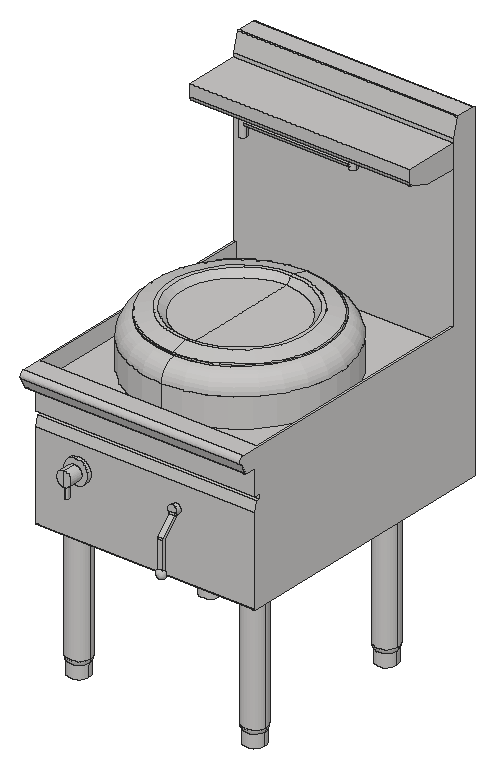
Revit family "QF_COBRA MOFFAT_CW1H", category Specialty Equipment, Revit 2016
Family settings
  Part Type = Normal
  Round Connector Dimension = Use Diameter
  Work Plane-Based = No
  Always vertical = Yes
  Cut with Voids When Loaded = No
  Shared = No
  Room Calculation Point = No
Parameters
  Weight in Kilograms = 78
  Waste Water Discharge Temperature = 0 °F
  URL Cutsheet = ""
  Specification by User = ""
  Specification by Manufacturer = ""
  Serial Number = ""
  Seismic Rating = ""
  SMACNA No = ""
  Revision Code = ""
  Plumbing Remarks = ""
  Plumbing Connection Type = ""
  NAFEM Spec ID Number = ""
  Model = "CW1H"
  Masterspec = ""
  Manufacturer = "COBRA MOFFAT"
  Length = 600 mm
  Item Number = ""
  Installed By = ""
  Indirect Waste Size = 1 1/4"
  Indirect Waste Flow = 0 GPM
  Indirect Waste Connection Type = ""
  Indirect Waste Connection Height = 0 mm
  Identify Quantity as Lot = yes
  Height = 1280 mm
  Gas Size = 3/4"
  Gas RI Height = 0 mm
  Gas KW = 0
  Gas Input = 80564.0 Btu/h
  Gas Connection Height = 0 mm
  Furnished By = ""
  Foodservice Equipment Identifier = yes
  Description = "ONE HOLE GAS WATERLESS WOKS"
  Depth = 800 mm
  Cold Water Temperature Recommended = 0 °F
  Cold Water Size = 1 1/2"
  Cold Water RI Height = 0 mm
  Cold Water Minimum Pressure = 0.00 psi
  Cold Water Maximum Pressure = 0.00 psi
  Cold Water Flow = 0 GPM
  Cold Water Consumption = ""
  Cold Water Connection Height = 0 mm
  CSI MasterFormat = ""
Reference planes
  plane 1 "BACK": y = 0
  plane 2: z = 0
  plane 3 "LEFT": x = 0
  plane 4 "RIGHT": x = 600
  plane 5 "FRONT": y = -800
  plane 6 "TOP": z = 1280
  plane 7 "Center Y": x = 300
  plane 8 "Center X": y = -400
  plane 9: x = 60
  plane 10: x = 540
  plane 11: y = -225
  plane 12: y = -675
  plane 13: z = 375
Forms (mm)
  Revolve 1, solid, material "QF_Metal - Stainless - Polished"
    sketch origin (0, -225, 0) x (0, 0, -1) y (1, 0, 0)
      loop
        line (0, 60) -> (-375, 60) -> (-375, 28.123) -> (-46.31, 28.123)
        arc (-46.31, 28.123) -> (-40.43, 29.336) -> (-35, 31.896) r 25.376
        line (-35, 31.896) -> (0, 31.896) -> (0, 60)
      axis (0, 60) -> (-375, 60)
    angle from 0 to 360
  Revolve 2, solid, material "QF_Metal - Stainless - Polished"
    sketch origin (480, -225, 0) x (0, 0, -1) y (1, 0, 0)
      loop
        line (0, 60) -> (-375, 60) -> (-375, 28.123) -> (-46.31, 28.123)
        arc (-46.31, 28.123) -> (-40.43, 29.336) -> (-35, 31.896) r 25.376
        line (-35, 31.896) -> (0, 31.896) -> (0, 60)
      axis (0, 60) -> (-375, 60)
    angle from 0 to 360
  Revolve 3, solid, material "QF_Metal - Stainless - Polished"
    sketch origin (0, -675, 0) x (0, 0, -1) y (1, 0, 0)
      loop
        line (0, 60) -> (-375, 60) -> (-375, 28.123) -> (-46.31, 28.123)
        arc (-46.31, 28.123) -> (-40.43, 29.336) -> (-35, 31.896) r 25.376
        line (-35, 31.896) -> (0, 31.896) -> (0, 60)
      axis (0, 60) -> (-375, 60)
    angle from 0 to 360
  Revolve 4, solid, material "QF_Metal - Stainless - Polished"
    sketch origin (480, -675, 0) x (0, 0, -1) y (1, 0, 0)
      loop
        line (0, 60) -> (-375, 60) -> (-375, 28.123) -> (-46.31, 28.123)
        arc (-46.31, 28.123) -> (-40.43, 29.336) -> (-35, 31.896) r 25.376
        line (-35, 31.896) -> (0, 31.896) -> (0, 60)
      axis (0, 60) -> (-375, 60)
    angle from 0 to 360
  Extrusion 5, solid, material "QF_Metal - Stainless - Polished"
    sketch origin (0, 0, 0) x (0, 1, 0) y (0, 0, 1)
      loop
        line (0, 375) -> (0, 1278.452)
        arc (0, 1278.452) -> (-0.746, 1279.569) -> (-2.017, 1280) r 2.088
        line (-2.017, 1280) -> (-55, 1280)
        arc (-55, 1280) -> (-56.271, 1279.569) -> (-57.017, 1278.452) r 2.088
        line (-57.017, 1278.452) -> (-70, 1230) -> (-70, 770.7) -> (-788.3, 770.7)
        arc (-788.3, 770.7) -> (-798.432, 764.85) -> (-798.432, 753.15) r 11.7
        line (-798.432, 753.15) -> (-780.947, 722.864)
        arc (-780.947, 722.864) -> (-780.095, 722.012) -> (-778.931, 721.7) r 2.328
        line (-778.931, 721.7) -> (-750.056, 721.7)
        arc (-750.056, 721.7) -> (-748.602, 721.098) -> (-748, 719.644) r 2.056
        line (-748, 719.644) -> (-748, 652.6) -> (-731.4, 652.6) -> (-731.4, 639.6) -> (-740.9, 639.6) -> (-748, 613.102) -> (-748, 376.928)
        arc (-748, 376.928) -> (-747.435, 375.565) -> (-746.072, 375) r 1.928
        line (-746.072, 375) -> (0, 375)
    from 0 to 600
  Extrusion 6, void
    sketch origin (600, -70, 770.7) x (-1, 0, 0) y (0, -1, 0)
      loop
        line (595, 665) -> (5, 665) -> (5, 0) -> (595, 0) -> (595, 665)
    from 0 to -49
  Revolve 7, solid, material "QF_Metal - Stainless - Polished"
    sketch origin (300, 175.397, 1219.2) x (0, 1, 0) y (0, 0, 1)
      loop
        line (-867.435, -419.167) -> (-867.435, -497.5) -> (-600.532, -497.5) -> (-600.532, -365.842) -> (-759.24, -365.842) -> (-775.589, -349.492) -> (-785.589, -349.492) -> (-828.806, -360.506)
        arc (-828.806, -360.506) -> (-829.912, -361.23) -> (-830.34, -362.481) r 2.038
        line (-830.34, -362.481) -> (-830.34, -365.842) -> (-808.934, -365.842) -> (-808.934, -369.669) -> (-817.938, -369.669)
        arc (-817.938, -369.669) -> (-852.938, -384.167) -> (-867.435, -419.167) r 49.497
      axis (-600.532, -349.492) -> (-600.532, -497.5)
    angle from 0 to 360
  Extrusion 8, solid, material "QF_Metal - Stainless - Polished"
    sketch origin (0, -748, 390) x (0, 0, -1) y (1, 0, 0)
      loop
        circle (-158.889, 118.159) r 32.893
    from 0 to 10
  Revolve 9, solid, material "QF_Metal - Stainless - Polished"
    sketch origin (118.159, -4572, 581.782) x (0, 0, -1) y (0, -1, 0)
      loop
        line (32.782, -3774) -> (13.094, -3774) -> (13.094, -3809) -> (17.469, -3809) -> (17.469, -3814) -> (32.782, -3814) -> (32.782, -3774)
      axis (32.782, -3814) -> (32.782, -3774)
    angle from 0 to 360
  Extrusion 10, solid, material "QF_Metal - Stainless - Polished"
    sketch origin (300, -4572, 375) x (0, -1, 0) y (-1, 0, 0)
      loop
        circle (-3784.012, 181.994) r 5
    from -124 to -159
  Extrusion 11, solid, material "QF_Metal - Stainless - Polished"
    sketch origin (0, -748, 390) x (0, 0, -1) y (1, 0, 0)
      loop
        circle (-158.884, 384.021) r 12.661
    from 0 to 12
  Extrusion 12, solid, material "QF_Metal - Stainless - Polished"
    sketch origin (300, 175.397, 1219.2) x (0, 1, 0) y (0, 0, 1)
      loop
        line (-972.093, -722.931) -> (-934.362, -685.2) -> (-930.56, -682.723) -> (-930.56, -674.327) -> (-935.397, -674.327) -> (-936.433, -680.2) -> (-975.921, -719.688)
        arc (-975.921, -719.688) -> (-977.384, -721.877) -> (-977.897, -724.46) r 6.749
        line (-977.897, -724.46) -> (-977.897, -797.392) -> (-972.897, -797.392) -> (-972.897, -724.873)
        arc (-972.897, -724.873) -> (-972.688, -723.822) -> (-972.093, -722.931) r 2.746
    from 76.574 to 91.449
  Revolve 13, solid, material "QF_Metal - Stainless - Polished"
    sketch origin (384.062, 0, 0) x (0, 1, 0) y (0, 0, 1)
      loop
        line (-797.5, 399) -> (-797.5, 424)
        arc (-797.5, 424) -> (-810, 411.5) -> (-797.5, 399) r 12.5
      axis (-797.5, 424) -> (-797.5, 399)
    angle from -90 to 90
  Extrusion 14, solid, material "QF_Metal - Stainless - Polished"
    sketch origin (0, 2480.95, 375) x (-1, 0, 0) y (0, 1, 0)
      loop
        circle (-203, -2587.95) r 35.799
      loop
        line (-553.779, -2986.85) -> (-532.35, -3022.564) -> (-510.921, -2986.85) -> (-532.35, -2951.136) -> (-553.779, -2986.85)
      loop
        circle (-105.75, -3005.95) r 35.799
    from 0 to 3.2
  Extrusion 15, solid, material "QF_Metal - Stainless - Polished"
    sketch origin (0, -157.5, 1158.25) x (1, 0, 0) y (0, -1, 0)
      loop
        circle (349.928, -56.053) r 9.571
    from 18.25 to 72.75
  Extrusion 16, solid, material "QF_Metal - Stainless - Polished"
    sketch origin (0, -157.5, 1158.25) x (1, 0, 0) y (0, -1, 0)
      loop
        circle (49.903, -55.75) r 9.571
    from 53.75 to 98.25
  Extrusion 17, solid, material "QF_Metal - Stainless - Polished"
    sketch origin (0, 0, 0) x (0, 1, 0) y (0, 0, 1)
      loop
        circle (-101.55, 1131.5) r 8
    from 80 to 347.733
  Extrusion 18, solid, material "QF_Metal - Stainless - Polished"
    sketch origin (0, 0, 0) x (0, 1, 0) y (0, 0, 1)
      loop
        circle (-101.55, 1094.94) r 8
    from 52.613 to 347.733
  Sweep 19, solid, material "QF_Metal - Stainless - Polished"
    path origin (0, 0, 5) x (1, 0, 0) y (0, 0, 1)
      loop
        arc (80, 1131.5) -> (60.945, 1126.63) -> (48.38, 1111.5) r 31.863
    profile origin (60.945, 0, 1131.63) x (0.534556, 0, -0.845133) y (0, -1, 0)
      loop
        spline (6.07, 109.55) -> (4.32, 109.277) -> (2.689, 108.478) -> (1.289, 107.207) -> (0.215, 105.55) -> (-0.461, 103.621) -> (-0.691, 101.55) -> (-0.461, 99.479) -> (0.215, 97.55) -> (1.289, 95.893) -> (2.689, 94.622) -> (4.32, 93.823) -> (6.07, 93.55)
        spline (6.07, 93.55) -> (7.82, 93.823) -> (9.45, 94.622) -> (10.851, 95.893) -> (11.925, 97.55) -> (12.6, 99.479) -> (12.831, 101.55) -> (12.6, 103.621) -> (11.925, 105.55) -> (10.851, 107.207) -> (9.45, 108.478) -> (7.82, 109.277) -> (6.07, 109.55)
  Extrusion 20, solid, material "QF_Metal - Stainless - Polished"
    sketch origin (0, 0, 0) x (0, 1, 0) y (0, 0, 1)
      loop
        line (-70, 1158.25) -> (-70, 1221) -> (-220, 1221) -> (-220, 1188.002)
        arc (-220, 1188.002) -> (-218.192, 1182.266) -> (-213.42, 1178.605) r 10
        line (-213.42, 1178.605) -> (-157.5, 1158.25) -> (-70, 1158.25)
    from 0 to 600
Cuts and joins
  Extrusion 6 cuts Extrusion 5
  joined: Extrusion 15, Extrusion 17
  joined: Extrusion 16, Extrusion 18
Lines and regions (mm)
  symbolic lines
    curve 1: line (0, 0, 0) -> (600, 0, 0)
    curve 2: line (0, -800, 0) -> (0, 0, 0)
    curve 3: line (600, -800, 0) -> (0, -800, 0)
    curve 4: line (600, 0, 0) -> (600, -800, 0)
    curve 5: line (0, -70, 0) -> (600, -70, 0)
    curve 6: line (0, -220, 0) -> (600, -220, 0)
    curve 7: line (5, -735, 0) -> (595, -735, 0)
    curve 8: line (595, -735, 0) -> (595, -220, 0)
    curve 9: line (5, -220, 0) -> (5, -735, 0)
    curve 10: arc (300, -266.428, 0) -> (141.293, -425.135, 0) -> (300, -583.842, 0) r 158.707
    curve 11: arc (300, -583.842, 0) -> (458.707, -425.135, 0) -> (300, -266.428, 0) r 158.707
    curve 12: arc (300, -610.191, 0) -> (485.056, -425.135, 0) -> (300, -240.078, 0) r 185.056
    curve 13: arc (300, -240.078, 0) -> (114.944, -425.135, 0) -> (300, -610.191, 0) r 185.056
    curve 14: arc (300, -654.943, 0) -> (76.445, -478.38, 0) -> (196.408, -220, 0) r 229.808
    curve 15: arc (403.592, -220, 0) -> (523.555, -478.38, 0) -> (300, -654.943, 0) r 229.808
    curve 16: arc (470.753, -220, 0) -> (550.986, -515.926, 0) -> (300, -692.038, 0) r 266.903
    curve 17: arc (300, -692.038, 0) -> (49.014, -515.926, 0) -> (129.247, -220, 0) r 266.903
Dimensions and locks
  equal spacing: plane 3 "LEFT", plane 7 "Center Y", plane 4 "RIGHT"
  "Length": plane 3 "LEFT" to plane 4 "RIGHT"
  equal spacing: plane 5 "FRONT", plane 8 "Center X", plane 1 "BACK"
  "Depth": plane 5 "FRONT" to plane 1 "BACK"
  "Height": plane 6 "TOP" to level
  plane 4 "RIGHT" to plane 3 "LEFT" = 600 mm
  plane 6 "TOP" to plane 2 = 1280 mm
  locked: plane 10 to plane 4 "RIGHT" at 60
  aligned and locked: level to plane 2
  aligned and locked: Extrusion 5 to plane 4 "RIGHT"
Automatic sketch dimensions
  Revolve 1 sketch curve to plane 9 = 0 mm  (x2)
  Revolve 1 sketch curve to plane 13 = 0 mm
  Revolve 1 sketch curve to level = 0 mm
  Revolve 1 sketch curve to plane 9 = 6.593 mm
  level to Revolve 1 sketch curve = 48.461 mm
  Revolve 1 sketch curve to Revolve 1 sketch curve = 2.152 mm
  Revolve 1 sketch curve to Revolve 1 sketch curve = 11.31 mm
  Revolve 1 sketch curve to Revolve 1 sketch curve = 21.511 mm
  Revolve 1 sketch curve to plane 13 = 55 mm
  Revolve 1 sketch curve to Revolve 1 sketch curve = 25 mm
  Revolve 2 sketch curve to plane 10 = 0 mm  (x2)
  Revolve 2 sketch curve to plane 13 = 0 mm
  Revolve 2 sketch curve to level = 0 mm
  plane 10 to Revolve 2 sketch curve = 6.593 mm
  level to Revolve 2 sketch curve = 48.461 mm
  Revolve 2 sketch curve to Revolve 2 sketch curve = 2.152 mm
  Revolve 2 sketch curve to Revolve 2 sketch curve = 11.31 mm
  Revolve 2 sketch curve to Revolve 2 sketch curve = 21.511 mm
  Revolve 2 sketch curve to plane 13 = 55 mm
  Revolve 2 sketch curve to Revolve 2 sketch curve = 25 mm
  Revolve 3 sketch curve to plane 9 = 0 mm  (x2)
  Revolve 3 sketch curve to plane 13 = 0 mm
  Revolve 3 sketch curve to level = 0 mm
  Revolve 3 sketch curve to plane 9 = 6.593 mm
  level to Revolve 3 sketch curve = 48.461 mm
  Revolve 3 sketch curve to Revolve 3 sketch curve = 2.152 mm
  Revolve 3 sketch curve to Revolve 3 sketch curve = 11.31 mm
  Revolve 3 sketch curve to Revolve 3 sketch curve = 21.511 mm
  Revolve 3 sketch curve to Revolve 3 sketch curve = 55 mm
  Revolve 3 sketch curve to Revolve 3 sketch curve = 25 mm
  Revolve 4 sketch curve to plane 10 = 0 mm  (x2)
  Revolve 4 sketch curve to plane 13 = 0 mm
  Revolve 4 sketch curve to level = 0 mm
  plane 10 to Revolve 4 sketch curve = 6.593 mm
  level to Revolve 4 sketch curve = 48.461 mm
  Revolve 4 sketch curve to Revolve 4 sketch curve = 2.152 mm
  Revolve 4 sketch curve to Revolve 4 sketch curve = 11.31 mm
  Revolve 4 sketch curve to Revolve 4 sketch curve = 21.511 mm
  Revolve 4 sketch curve to Revolve 4 sketch curve = 55 mm
  Revolve 4 sketch curve to Revolve 4 sketch curve = 25 mm
  plane 13 to Extrusion 5 sketch curve = 0 mm
  Extrusion 5 sketch curve to plane 6 "TOP" = 0 mm
  Extrusion 5 sketch curve to plane 1 "BACK" = 0 mm
  plane 1 "BACK" to Extrusion 5 sketch curve = 2.017 mm
  Extrusion 5 sketch curve to Extrusion 5 sketch curve = 52.983 mm
  Extrusion 5 sketch curve to plane 6 "TOP" = 1.548 mm
  Extrusion 5 sketch curve to Extrusion 5 sketch curve = 2.017 mm
  plane 1 "BACK" to Extrusion 5 sketch curve = 70 mm
  Extrusion 5 sketch curve to plane 12 = 56.4 mm
  Extrusion 5 sketch curve to Extrusion 5 sketch curve = 9.5 mm
  Extrusion 5 sketch curve to plane 13 = 1.928 mm
  Extrusion 5 sketch curve to plane 5 "FRONT" = 53.928 mm
  Extrusion 5 sketch curve to Extrusion 5 sketch curve = 7.1 mm
  Extrusion 5 sketch curve to Extrusion 5 sketch curve = 2.056 mm
  Extrusion 5 sketch curve to plane 5 "FRONT" = 21.069 mm
  Extrusion 5 sketch curve to Extrusion 5 sketch curve = 2.016 mm
  Extrusion 5 sketch curve to plane 5 "FRONT" = 11.7 mm
  Extrusion 5 sketch curve to plane 5 "FRONT" = 1.568 mm
  Extrusion 5 sketch curve to Extrusion 5 sketch curve = 236.175 mm
  Extrusion 5 sketch curve to Extrusion 5 sketch curve = 26.498 mm
  Extrusion 5 sketch curve to Extrusion 5 sketch curve = 13 mm
  Extrusion 5 sketch curve to Extrusion 5 sketch curve = 67.044 mm
  Extrusion 5 sketch curve to Extrusion 5 sketch curve = 1.164 mm
  Extrusion 5 sketch curve to Extrusion 5 sketch curve = 30.286 mm
  Extrusion 5 sketch curve to Extrusion 5 sketch curve = 5.85 mm
  Extrusion 5 sketch curve to plane 6 "TOP" = 50 mm
  Extrusion 5 sketch curve to plane 6 "TOP" = 2.088 mm
  Revolve 7 sketch curve to plane 12 = 17.038 mm
  plane 12 to Revolve 7 sketch curve = 20.057 mm
  Revolve 7 sketch curve to Revolve 7 sketch curve = 1.534 mm
  Revolve 7 sketch curve to Revolve 7 sketch curve = 0.503 mm
  plane 12 to Revolve 7 sketch curve = 32.46 mm
  Revolve 7 sketch curve to Revolve 7 sketch curve = 9.004 mm
  Revolve 7 sketch curve to Revolve 7 sketch curve = 23.345 mm
  Revolve 7 sketch curve to Revolve 7 sketch curve = 10 mm
  Revolve 7 sketch curve to Revolve 7 sketch curve = 16.349 mm  (x2)
  Revolve 7 sketch curve to plane 8 "Center X" = 25.135 mm  (x2)
  Revolve 7 sketch curve to plane 13 = 346.7 mm
  Revolve 7 sketch curve to Revolve 7 sketch curve = 78.333 mm
  Revolve 7 sketch curve to Revolve 7 sketch curve = 3.828 mm  (x2)
  Revolve 7 sketch curve to Revolve 7 sketch curve = 3.361 mm
  Revolve 7 sketch curve to Revolve 7 sketch curve = 53.342 mm
  Revolve 7 sketch curve to Revolve 7 sketch curve = 45 mm
  Extrusion 5 to Extrusion 8 sketch curve = 64.213 mm
  Extrusion 5 to Extrusion 8 sketch curve = 118.159 mm
  Revolve 9 sketch curve to plane 5 "FRONT" = 37 mm
  Revolve 9 sketch curve to plane 13 = 193.687 mm
  Revolve 9 sketch curve to Revolve 9 sketch curve = 4.375 mm
  Revolve 9 sketch curve to Revolve 9 sketch curve = 15.312 mm
  Revolve 9 sketch curve to Revolve 9 sketch curve = 5 mm
  Revolve 9 sketch curve to plane 5 "FRONT" = 2 mm
  Revolve 9 sketch curve to Revolve 9 sketch curve = 0 mm
  plane 5 "FRONT" to Revolve 9 sketch curve = 4.344 mm
  Revolve 9 sketch curve to Revolve 9 sketch curve = 3.34 mm
  Extrusion 10 sketch curve to plane 5 "FRONT" = 12.012 mm
  plane 9 to Extrusion 10 sketch curve = 58.006 mm
  Extrusion 5 to Extrusion 11 sketch curve = 64.218 mm
  Extrusion 5 to Extrusion 11 sketch curve = 215.979 mm
  plane 5 "FRONT" to Extrusion 12 sketch curve = 2.5 mm
  plane 5 "FRONT" to Extrusion 12 sketch curve = 0.523 mm
  Extrusion 12 sketch curve to plane 5 "FRONT" = 2.5 mm
  Extrusion 12 sketch curve to Extrusion 12 sketch curve = 0.804 mm
  Extrusion 12 sketch curve to Extrusion 12 sketch curve = 1.749 mm
  Extrusion 12 sketch curve to Extrusion 12 sketch curve = 0.997 mm
  Extrusion 12 sketch curve to plane 5 "FRONT" = 38.964 mm
  Extrusion 12 sketch curve to Extrusion 12 sketch curve = 1.036 mm
  Extrusion 12 sketch curve to Extrusion 12 sketch curve = 2.071 mm
  Extrusion 12 sketch curve to Extrusion 12 sketch curve = 3.802 mm
  Extrusion 12 sketch curve to plane 13 = 46.808 mm
  Extrusion 12 sketch curve to Extrusion 12 sketch curve = 72.519 mm
  Extrusion 12 sketch curve to Extrusion 12 sketch curve = 0.413 mm
  Extrusion 12 sketch curve to Extrusion 12 sketch curve = 37.731 mm
  Extrusion 12 sketch curve to Extrusion 12 sketch curve = 2.477 mm
  Extrusion 12 sketch curve to Extrusion 12 sketch curve = 5 mm
  Extrusion 12 sketch curve to Extrusion 12 sketch curve = 5.873 mm
  Revolve 13 sketch curve to plane 5 "FRONT" = 2.5 mm  (x2)
  Revolve 13 sketch curve to plane 13 = 24 mm
  Revolve 13 sketch curve to Revolve 13 sketch curve = 12.5 mm
  Revolve 13 sketch curve to Revolve 13 sketch curve = 5.833 mm
  Revolve 13 sketch curve to Revolve 13 sketch curve = 5 mm
  Extrusion 14 sketch curve to Extrusion 5 = 46.221 mm
  Extrusion 14 sketch curve to Extrusion 14 sketch curve = 21.429 mm  (x3)
  Extrusion 14 sketch curve to Extrusion 5 = 203 mm
  Extrusion 14 sketch curve to Extrusion 5 = 105.75 mm
  Extrusion 5 to Extrusion 14 sketch curve = 107 mm
  Extrusion 5 to Extrusion 14 sketch curve = 275.887 mm
  Extrusion 14 sketch curve to Extrusion 14 sketch curve = 35.714 mm  (x3)
  Extrusion 5 to Extrusion 14 sketch curve = 221.072 mm
  plane 1 "BACK" to Extrusion 17 sketch curve = 101.55 mm
  Extrusion 17 sketch curve to plane 6 "TOP" = 148.5 mm
  plane 1 "BACK" to Extrusion 18 sketch curve = 101.55 mm
  Extrusion 18 sketch curve to plane 6 "TOP" = 185.06 mm
  plane 9 to Sweep 19 sketch curve = 17.978 mm
  Sweep 19 sketch curve to plane 6 "TOP" = 175.299 mm
  Sweep 19 sketch curve to plane 9 = 11.62 mm
  plane 9 to Sweep 19 sketch curve = 20 mm
  Sweep 19 sketch curve to Sweep 19 sketch curve = 11.799 mm
  Sweep 19 sketch curve to profile plane = 6.07 mm
  plane 1 "BACK" to Sweep 19 sketch curve = 93.55 mm
  Sweep 19 sketch curve to Sweep 19 sketch curve = 8 mm
  Extrusion 20 sketch curve to plane 11 = 5 mm
  Extrusion 20 sketch curve to Extrusion 20 sketch curve = 6.58 mm
  Extrusion 20 sketch curve to Extrusion 20 sketch curve = 3.42 mm
  Extrusion 20 sketch curve to Extrusion 20 sketch curve = 55.92 mm
  Extrusion 20 sketch curve to plane 6 "TOP" = 121.75 mm
  Extrusion 20 sketch curve to Extrusion 20 sketch curve = 20.355 mm
  Extrusion 20 sketch curve to Extrusion 20 sketch curve = 32.998 mm
  plane 1 "BACK" to Extrusion 20 sketch curve = 70 mm
  plane 4 "RIGHT" to Extrusion 6 sketch curve = 5 mm
  plane 3 "LEFT" to Extrusion 6 sketch curve = 5 mm
  plane 1 "BACK" to Extrusion 6 sketch curve = 70 mm
  Extrusion 6 sketch curve to plane 12 = 60 mm
  plane 7 "Center Y" to Extrusion 15 sketch curve = 49.928 mm
  plane 1 "BACK" to Extrusion 15 sketch curve = 101.447 mm
  Extrusion 16 sketch curve to plane 9 = 10.097 mm
  plane 1 "BACK" to Extrusion 16 sketch curve = 101.75 mm
  curve 3 to plane 3 "LEFT" = 0 mm
  curve 3 to plane 4 "RIGHT" = 0 mm
  plane 5 "FRONT" to curve 3 = 0 mm
  plane 1 "BACK" to curve 2 = 0 mm
  curve 5 to curve 1 = 70 mm
  curve 6 to plane 11 = 5 mm
  plane 4 "RIGHT" to curve 7 = 5 mm
  curve 7 to plane 12 = 60 mm
  plane 3 "LEFT" to curve 7 = 5 mm
  curve 6 to curve 9 = 0 mm
  curve 8 to curve 6 = 0 mm
  curve 11 to plane 7 "Center Y" = 0 mm
  curve 11 to plane 8 "Center X" = 25.135 mm
  plane 12 to curve 11 = 91.158 mm
  curve 10 to curve 12 = 0 mm  (x2)
  curve 12 to curve 10 = 26.349 mm
  curve 10 to curve 14 = 0 mm  (x2)
  plane 12 to curve 14 = 20.057 mm
  curve 10 to curve 16 = 0 mm  (x2)
  curve 17 to plane 12 = 17.038 mm
  curve 10 to curve 17 = 0 mm
  curve 17 to plane 11 = 5 mm
  curve 10 to curve 15 = 0 mm
  curve 14 to plane 11 = 5 mm
  curve 16 to plane 11 = 5 mm
  curve 15 to plane 11 = 5 mm
  radius of Extrusion 8 sketch curve = 32.893 mm
  radius of Extrusion 10 sketch curve = 5 mm
  radius of Extrusion 11 sketch curve = 12.661 mm
  radius of Extrusion 14 sketch curve = 35.799 mm  (x2)
  radius of Extrusion 15 sketch curve = 9.571 mm
  radius of Extrusion 16 sketch curve = 9.571 mm
  radius of Extrusion 17 sketch curve = 8 mm
  radius of Extrusion 18 sketch curve = 8 mm
Connectors
  piping at (203, -107, 371.8), diameter 31.75, driven by "Indirect Waste Size"
    settings: on Extrusion 14, index 1, connector inside diameter 24", connector length 0 mm, flow factor 0, pipe flow 0 GPM, pressure drop 0.00 psi, fitting loss kfactor 0, connector angle 0.00°, fixture units 0, engagement length 0 mm, angle of deflection 0.00°, flow configuration 1, flow direction 2, fitting loss method 0, system type 16, joint type 0, gender type 0, connector reference index -1, connector utility 0, adjustable connector no, is connector primary yes, connector description "DRAIN"
  piping at (105.75, -525, 371.8), diameter 38.1, driven by "Cold Water Size"
    settings: on Extrusion 14, index 2, connector inside diameter 24", connector length 0 mm, flow factor 0, pipe flow 0 GPM, pressure drop 0.00 psi, fitting loss kfactor 0, connector angle 0.00°, fixture units 0, engagement length 0 mm, angle of deflection 0.00°, flow configuration 1, flow direction 1, fitting loss method 0, system type 20, joint type 0, gender type 0, connector reference index -1, connector utility 0, adjustable connector no, is connector primary no, connector description "WATER INLET"
  piping at (532.35, -505.9, 371.8), diameter 19.05, driven by "Gas Size"
    settings: on Extrusion 14, index 3, connector inside diameter 24", connector length 0 mm, flow factor 0, pipe flow 0 GPM, pressure drop 0.00 psi, fitting loss kfactor 0, connector angle 0.00°, fixture units 0, engagement length 0 mm, angle of deflection 0.00°, flow configuration 1, flow direction 1, fitting loss method 0, system type 7, joint type 0, gender type 0, connector reference index -1, connector utility 0, adjustable connector no, is connector primary no, connector description "GAS INLET"
